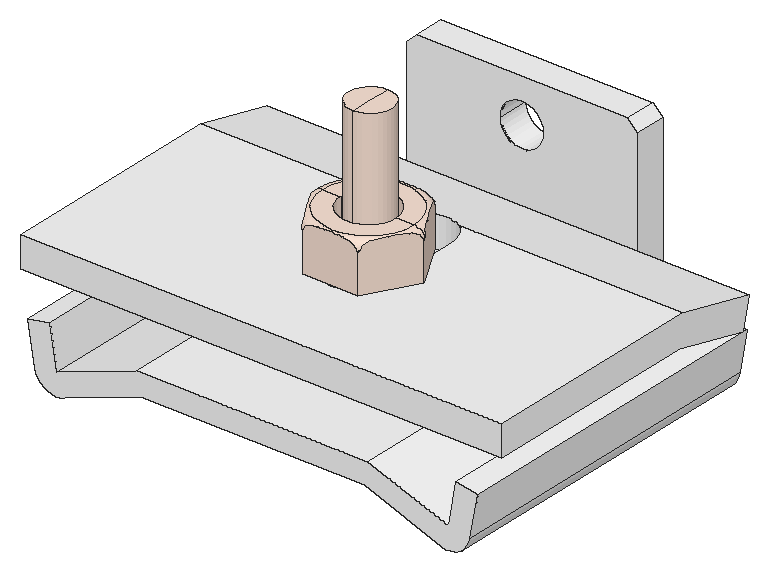
Revit family "rp-wclip", category 機械設備, Revit 2022
Family settings
  丸型コネクタ寸法 = 直径を使用
  種別 = なし
  パーツ タイプ = 標準
  作業面ベース = いいえ
  常に垂直 = はい
  ロード時にボイドで切り取り = いいえ
  注釈の向きを維持 = いいえ
  共有 = いいえ
  部屋計算ポイント = いいえ
Parameters
  製造元 = "株式会社桐井製作所"
  既定の高さ = 0 mm
  URL = "https://www.kirii.co.jp/"
  K_品名 = "RP-Wクリップ"
  K_名称 = "耐震クリップ"
  K_入数 = "150"
  K_バージョン情報 = "20210714"
Reference planes
  plane 1 "中心(正面/背面)": y = 0
  plane 2: z = 0
  plane 3 "中心(左/右)": x = 0
Forms (mm)
  Extrusion 1, solid
    sketch origin (-11.785, -262.268, -188.298) x (0, -1, 0) y (0, 0, -1)
      loop
        line (-251.458, -194.886) -> (-259.648, -192.936) -> (-260.389, -196.049) -> (-251.833, -198.086) -> (-228.395, -198.086) -> (-228.395, -194.886) -> (-251.458, -194.886)
    from -12.993 to 37.007
  Extrusion 2, solid
    sketch origin (-71.315, 3.2, -52.437) x (1, 0, 0) y (0, 0, 1)
      loop
        line (82.563, 70.856) -> (60.563, 70.856) -> (59.563, 69.856) -> (59.563, 52.356) -> (83.563, 52.356) -> (83.563, 69.856) -> (82.563, 70.856)
      loop
        circle (71.562, 66.356) r 2.25
    from 0 to 3.2
  Extrusion 3, void
    sketch origin (-0.244, 1.241, 0) x (1, 0, 0) y (0, 1, 0)
      loop
        line (-3.001, -17.621) -> (-3.001, -24.621) -> (3.999, -24.621) -> (3.999, -17.621) -> (-3.001, -17.621)
    from -0.733 to 3.567
  Extrusion 4, void
    sketch origin (-90.94, -136.298, 0) x (1, 0, 0) y (0, 1, 0)
      loop
        arc (94.308, 123.266) -> (91.058, 126.516) -> (87.808, 123.266) r 3.25
        line (87.808, 123.266) -> (87.808, 114.766)
        arc (87.808, 114.766) -> (91.058, 111.516) -> (94.308, 114.766) r 3.25
        line (94.308, 114.766) -> (94.308, 123.266)
    from 5.408 to 10.558
  Extrusion 5, solid
    sketch origin (-205.468, 0, -30.024) x (1, 0, 0) y (0, 0, 1)
      loop
        line (185.389, 29.183) -> (184.63, 33.484) -> (182.365, 33.085) -> (183.124, 28.784)
        arc (183.124, 28.784) -> (184.239, 27.191) -> (186.175, 27.022) r 2.3
        line (186.175, 27.022) -> (194.128, 29.917) -> (217.317, 29.917) -> (225.401, 26.974)
        arc (225.401, 26.974) -> (227.258, 27.231) -> (228.307, 28.784) r 2.3
        line (228.307, 28.784) -> (229.065, 33.085) -> (226.8, 33.484) -> (226.057, 29.183) -> (217.723, 32.217) -> (193.723, 32.217) -> (185.389, 29.183)
    from 0 to 35
Cuts and joins
  Extrusion 4 cuts Extrusion 1
  Extrusion 3 cuts Extrusion 5
  joined: Extrusion 2, Extrusion 5
Dimensions and locks
  aligned and locked: level to plane 2
Nested families
  nested 1: "ナット" at (0, -19.631, 9.788), type "ナット"
  nested 2: "根角ボルト" at (0.248, -19.746, -0.107), type "根角ボルト"
Definition of nested family "ナット"
  Parameters (values of type "ナット")
    Default Elevation = 1219.2 mm
  Reference planes
    plane 1 "中心(正面/背面)": y = 0
    plane 2: z = 0
    plane 3 "中心(左/右)": x = 0
  Forms (mm)
    Extrusion 1, solid
      sketch origin (0, 0, 0) x (1, 0, 0) y (0, 1, 0)
        loop
          line (-55, 45) -> (-55, -45.273) -> (55.986, -45.273) -> (55.986, 45) -> (-55, 45)
      from 0 to -304.8
    Revolve 2, solid
      sketch origin (0, 0, 2.36) x (1, 0, 0) y (0, 0, 1)
        loop
          arc (5.774, 1.64) -> (5.471, 2.356) -> (4.748, 2.639) r 1
          line (4.748, 2.639) -> (2.887, 2.639) -> (2.887, -2.36) -> (5.774, -2.36) -> (5.774, 1.64)
        axis (0, 2.639) -> (0, -2.36)
      angle from 0 to 360
    Extrusion 3, void
      sketch origin (0, 0, 2.36) x (0, -1, 0) y (1, 0, 0)
        loop
          line (5, 2.887) -> (5, -2.887) -> (10.229, -2.887) -> (10.229, 2.887) -> (5, 2.887)
      from -3.143 to 6
    Extrusion 4, void
      sketch origin (0, 0, 2.36) x (0.866025, -0.5, 0) y (0.5, 0.866025, 0)
        loop
          line (5, 2.887) -> (5, -2.887) -> (10.229, -2.887) -> (10.229, 2.887) -> (5, 2.887)
      from -2.36 to 6
    Extrusion 5, void
      sketch origin (0, 0, 2.36) x (-0.866025, -0.5, 0) y (0.5, -0.866025, 0)
        loop
          line (5, 2.887) -> (5, -2.887) -> (10.229, -2.887) -> (10.229, 2.887) -> (5, 2.887)
      from -3.143 to 6
    Extrusion 6, void
      sketch origin (0, 0, 2.36) x (0, -1, 0) y (1, 0, 0)
        loop
          line (-5, 2.887) -> (-10.229, 2.887) -> (-10.229, -2.887) -> (-5, -2.887) -> (-5, 2.887)
      from -3.143 to 6
    Extrusion 7, void
      sketch origin (0, 0, 2.36) x (-0.866025, -0.5, 0) y (0.5, -0.866025, 0)
        loop
          line (-5, 2.887) -> (-10.229, 2.887) -> (-10.229, -2.887) -> (-5, -2.887) -> (-5, 2.887)
      from -2.36 to 6
    Extrusion 8, void
      sketch origin (0, 0, 2.36) x (0.866025, -0.5, 0) y (0.5, 0.866025, 0)
        loop
          line (-5, 2.887) -> (-10.229, 2.887) -> (-10.229, -2.887) -> (-5, -2.887) -> (-5, 2.887)
      from -3.143 to 6
  Cuts and joins
    Extrusion 3, Extrusion 4, Extrusion 5, Extrusion 6, Extrusion 7, Extrusion 8 cuts Revolve 2
  Dimensions and locks
    aligned and locked: plane 2 to Extrusion 1
    aligned and locked: level to Extrusion 1
Definition of nested family "根角ボルト"
  Parameters (values of type "根角ボルト")
    Manufacturer = "株式会社桐井製作所"
    Default Elevation = 0 mm
    URL = "https://www.kirii.co.jp/"
    K_品名 = "根角ボルトM6×25"
    K_名称 = "ボルト"
  Reference planes
    plane 1 "中心(正面/背面)": y = 0
    plane 2: z = 0
    plane 3 "中心(左/右)": x = 0
    plane 4: x = 10
    plane 5: x = -10
  Forms (mm)
    Revolve 1, solid
      sketch origin (0, 0, 0) x (0, 1, 0) y (0, 0, 1)
        loop
          line (0, 0) -> (0, -1.652)
          arc (0, -1.652) -> (3.596, -1.234) -> (7, 0) r 15.652
          line (7, 0) -> (0, 0)
        axis (0, -1.652) -> (0, 0)
      angle from 0 to 360
    Revolve 2, solid
      sketch origin (0, 0, 0) x (0, 1, 0) y (0, 0, 1)
        loop
          line (2.25, 3) -> (2.25, 25) -> (0, 25) -> (0, 3) -> (0, 0) -> (3.15, 0) -> (3.15, 3) -> (2.25, 3)
        axis (0, 0) -> (0, 25)
      angle from 0 to 360
  Cuts and joins
    joined: Revolve 1, Revolve 2
  Dimensions and locks
    aligned and locked: level to plane 2
